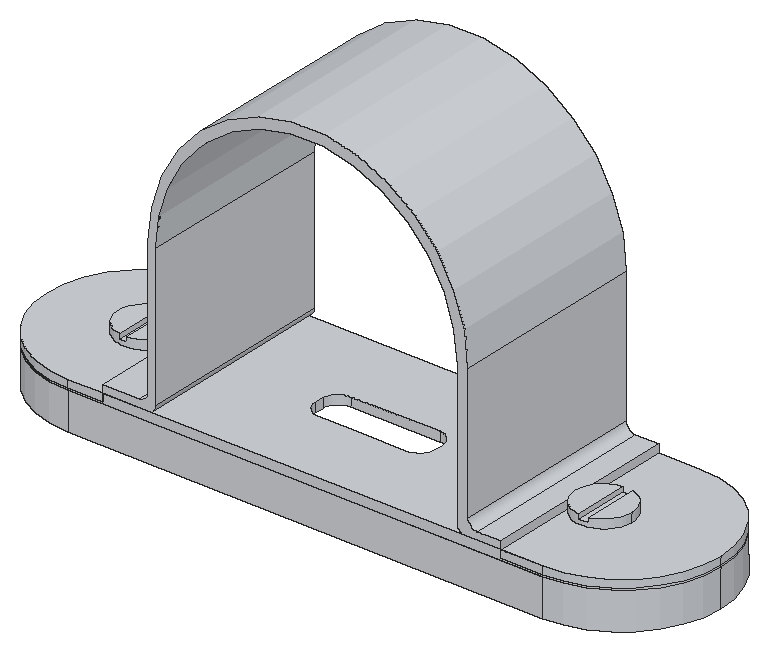
Revit family "SBS32G", category Generic Models, Revit 2017
Family settings
  Can host rebar = No
  Round Connector Dimension = Use Diameter
  Part Type = Normal
  Work Plane-Based = Yes
  Always vertical = No
  Cut with Voids When Loaded = No
  Shared = No
  Room Calculation Point = No
Parameters (values of type "NBS Standard Parameters")
  Weight = "0.0155Kg"
  WarrantyStartDate [instance] = "1900-12-31T23:59:59"
  WarrantyGuarantorParts = "n/a"
  WarrantyGuarantorLabor = "n/a"
  WarrantyDurationUnit = "1 year"
  WarrantyDurationParts = "n/a"
  WarrantyDurationLabor = "n/a"
  WarrantyDescription = "n/a"
  Version = "1"
  Uniclass2 = "Pr_65_70_11_20"
  TagNumber [instance] = "n/a"
  SustainabilityPerformance = "n/a"
  Size = "32mm"
  Shape = "n/a"
  SerialNumber [instance] = "n/a"
  Revision = "n/a"
  ReplacementCost = "n/a"
  ProductInformation = "www.metpro.co.uk/pdf/sbs32g.pdf"
  NominalWidth = 21 mm
  NominalLength = 71.5 mm
  NominalHeight = 36 mm
  Name = ""
  NBSTypeID = ""
  NBSReference = "90-55-10/460"
  NBSOfficeMasterTag = ""
  NBSNote = ""
  NBSDescription = "Conduit Fittings"
  NBSCertification = ""
  ModelReference = "SBS32G"
  ModelNumber = "n/a"
  Material = "Pressed Steel"
  ManufacturerURL = "www.metpro.co.uk"
  ManufacturerName = "Metpro Ltd"
  InstallationDate [instance] = "1900-12-31T23:59:59"
  IfcExportType = ""
  IfcExportAs = ""
  Grade = "n/a"
  Finish = "BZP"
  Features = "n/a"
  ExpectedLife = "n/a"
  DurationUnit = "year"
  Description = "SBS32G - 32mm Spacer Bar Saddle"
  Default Elevation = 1219.2 mm
  Constituents = "n/a"
  Color = "n/a"
  CodePerformance = "n/a"
  Category = "n/a"
  BarCode [instance] = "n/a"
  BIMObjectName = "Metpro_metprolibrary_conduitfittings_metalcomponent_steelaccessories"
  Author = "Metpro Ltd"
  AssetType = ""
  AssetIdentifier [instance] = "n/a"
  AccessibilityPerformance = "n/a"
Reference planes
  plane 1 "Center (Front/Back)": y = 0
  plane 2: z = 0
  plane 3 "Center (Left/Right)": x = 0
Forms (mm)
  Extrusion 1, solid
    sketch origin (0, 13.214, 2.798) x (1, 0, 0) y (0, 0, 1)
      loop
        line (16, 6.875) -> (16, -8.137)
        arc (16, -8.137) -> (16.234, -8.702) -> (16.774, -8.953) r 0.8
        line (16.774, -8.953) -> (20.618, -8.953) -> (20.618, -8.137) -> (18.099, -8.137)
        arc (18.099, -8.137) -> (17.408, -7.851) -> (17.122, -7.16) r 0.977
        line (17.122, -7.16) -> (17.122, 7.044)
        arc (17.122, 7.044) -> (0.122, 24.044) -> (-16.878, 7.044) r 17
        line (-16.878, 7.044) -> (-16.878, -7.165)
        arc (-16.878, -7.165) -> (-17.162, -7.852) -> (-17.85, -8.137) r 0.972
        line (-17.85, -8.137) -> (-21.726, -8.137) -> (-21.726, -8.953) -> (-16.855, -8.953)
        arc (-16.855, -8.953) -> (-16.25, -8.703) -> (-16, -8.099) r 0.855
        line (-16, -8.099) -> (-16, 6.875)
        arc (-16, 6.875) -> (0, 22.875) -> (16, 6.875) r 16
    from -2.488 to 18.5
  Extrusion 2, solid
    sketch origin (-23.542, 13.214, -6.155) x (0, -1, 0) y (-1, 0, 0)
      loop
        line (10.419, -22.136) -> (10.419, -18.328)
        arc (10.419, -18.328) -> (9.907, -17.093) -> (8.671, -16.581) r 1.748
        line (8.671, -16.581) -> (7.711, -16.581)
        arc (7.711, -16.581) -> (6.522, -17.074) -> (6.029, -18.264) r 1.683
        line (6.029, -18.264) -> (6.029, -27.657)
        arc (6.029, -27.657) -> (6.531, -28.87) -> (7.744, -29.372) r 1.715
        line (7.744, -29.372) -> (8.729, -29.372)
        arc (8.729, -29.372) -> (9.924, -28.877) -> (10.419, -27.682) r 1.69
        line (10.419, -27.682) -> (10.419, -22.136)
      loop
        line (18.5, -48.677) -> (18.5, 1.912)
        arc (18.5, 1.912) -> (15.427, 9.334) -> (8.006, 12.412) r 10.5
        arc (8.006, 12.412) -> (0.585, 9.334) -> (-2.488, 1.912) r 10.5
        line (-2.488, 1.912) -> (-2.488, -48.677)
        arc (-2.488, -48.677) -> (0.585, -56.099) -> (8.006, -59.177) r 10.5
        arc (8.006, -59.177) -> (15.427, -56.099) -> (18.5, -48.677) r 10.5
    from 0 to 1
  Extrusion 3, solid
    sketch origin (-23.542, 13.214, -7.155) x (0, -1, 0) y (1, 0, 0)
      loop
        arc (18.5, 48.677) -> (15.427, 56.099) -> (8.006, 59.177) r 10.5
        arc (8.006, 59.177) -> (0.585, 56.099) -> (-2.488, 48.677) r 10.5
        line (-2.488, 48.677) -> (-2.488, -1.912)
        arc (-2.488, -1.912) -> (0.585, -9.334) -> (8.006, -12.412) r 10.5
        arc (8.006, -12.412) -> (15.427, -9.334) -> (18.5, -1.912) r 10.5
        line (18.5, -1.912) -> (18.5, 48.677)
      loop
        arc (17.5, 48.677) -> (14.72, 55.392) -> (8.006, 58.177) r 9.5
        arc (8.006, 58.177) -> (1.292, 55.392) -> (-1.488, 48.677) r 9.5
        line (-1.488, 48.677) -> (-1.488, -1.912)
        arc (-1.488, -1.912) -> (1.292, -8.627) -> (8.006, -11.412) r 9.5
        arc (8.006, -11.412) -> (14.72, -8.627) -> (17.5, -1.912) r 9.5
        line (17.5, -1.912) -> (17.5, 48.677)
    from 0 to -3.972
  Extrusion 4, solid
    sketch origin (10.708, 13.214, -5.339) x (1, 0, 0) y (0, 1, 0)
      loop
        circle (13.456, -9.237) r 3
      loop
        circle (-35.191, -9.237) r 3
    from 0 to 0.948
  Extrusion 5, void
    sketch origin (10.708, 13.214, -4.391) x (0, 1, 0) y (1, 0, 0)
      loop
        line (-13.317, -34.82) -> (-13.317, -35.657) -> (-5.123, -35.657) -> (-5.123, -34.82) -> (-13.317, -34.82)
      loop
        line (-12.698, 13.13) -> (-5.345, 13.13) -> (-5.345, 14.161) -> (-12.698, 14.161) -> (-12.698, 13.13)
    from 0 to 0.5
  Extrusion 6, solid
    sketch origin (-23.542, 13.214, -6.155) x (1, 0, 0) y (0, -1, 0)
      loop
        arc (-1.912, 18.5) -> (-9.334, 15.427) -> (-12.412, 8.006) r 10.5
        arc (-12.412, 8.006) -> (-9.334, 0.585) -> (-1.912, -2.488) r 10.5
        line (-1.912, -2.488) -> (1.817, -2.488) -> (1.817, 18.5) -> (-1.912, 18.5)
      loop
        arc (48.677, -2.488) -> (56.099, 0.585) -> (59.177, 8.006) r 10.5
        arc (59.177, 8.006) -> (56.099, 15.427) -> (48.677, 18.5) r 10.5
        line (48.677, 18.5) -> (44.161, 18.5) -> (44.161, -2.488) -> (48.677, -2.488)
    from 0 to 0.8
Cuts and joins
  Extrusion 5 cuts Extrusion 2
  Extrusion 5 cuts Extrusion 4
Dimensions and locks
  aligned and locked: level to plane 2
